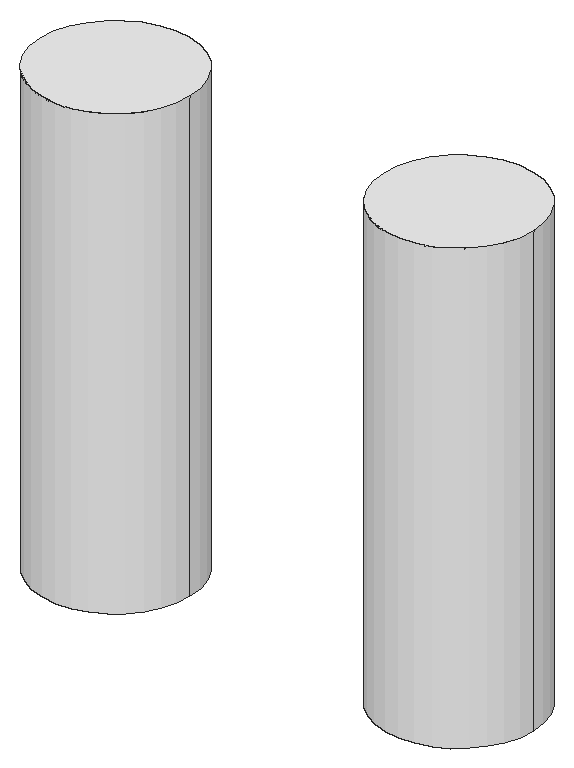
Revit family "56532203(2020)", category Plumbing Fixtures, Revit 2020
Family settings
  Round Connector Dimension = Use Diameter
  Part Type = Normal
  OmniClass Number = 23.45.55.00
  OmniClass Title = Sanitary Faucets, Wastes
  Work Plane-Based = No
  Always vertical = Yes
  Cut with Voids When Loaded = No
  Shared = No
  Room Calculation Point = No
Parameters (values of type "56532203 Kitchen faucet")
  Working Pressure = "50 - 1000 kPa"
  WarrantyStartDate [instance] = "n/a"
  WarrantyGuarantorParts = "n/a"
  WarrantyGuarantorLabor = "n/a"
  WarrantyDurationUnit = "Year"
  WarrantyDurationParts = "n/a"
  WarrantyDurationLabor = "n/a"
  WarrantyDescription = "http://warranty.hansa.com"
  Warranty Information URL = "http://warranty.hansa.com"
  VersionDate = "01/06/2023"
  Version = "1"
  ValvePattern = "n/a"
  ValveOperation = "n/a"
  ValveMechanism = "n/a"
  Uniclass2015Reference = "Pr_40_20_87_96"
  Uniclass2015Description = "Washbasin manual water supply sets"
  Uniclass2 = "Pr_40_30_96_96"
  URL REACH = "http://static.hansa.com/doc/reach"
  URL Materials Declaration = "http://www.hansa.com/fileadmin/resources/181996_56532203_materialsdeclaration.pdf"
  URL Environmental Product Declaration EPD = "http://www.hansa.com/fileadmin/resources/184519_EPD_Kitchen faucet.pdf"
  URL EcoLabel Declaration = "http://static.hansa.com/doc/EcoLabel"
  URL EU Packaging Declaration = "http://static.hansa.com/doc/packaging"
  URL Declaration of SCIP = "http://static.hansa.com/doc/SCIP"
  URL Declaration of Conformity = "http://static.hansa.com/DoC/56532203"
  URL Declaration of Asbestos = "http://static.hansa.com/doc/asbestos"
  URL Declaration Of Performance (DOP) = "http://static.hansa.com/doc/DoP"
  URL DVGW = "http://static.hansa.com/DVGW/56532203"
  URL ABP = "http://static.hansa.com/ABP/56532203"
  URL = ""
  UNSPSC Class Number = "30181700 Faucets or taps"
  TestPressure = "n/a"
  Temperature Adjustments = "Limitation option for maximum temperature and flow-rate ;Adjustable hot water stop (included, retrofittable)"
  Temperature = "Temperature limiter;Temperature limiter (retrofittable)"
  Technical DataSheet URL = "http://www.hansa.com/datasheet/56532203/en"
  TagNumber [instance] = "n/a"
  SustainabilityPerformance = "n/a"
  Surface treatment = "Chrome"
  Spout Type = "Swivel spout;Swivel range limiting option"
  Spout Swivel Range = "120°"
  Spout Projection = "216 mm"
  Spare-Part Information URL = "http://static.hansa.com/sp/56532203"
  Size = "50x255x170 mm"
  Shape = "Sculptured"
  SerialNumber [instance] = "n/a"
  Sales Package dimensions (LxWxH) = "362 x 278 x 63"
  Revision = "n/a"
  ReplacementCost = "n/a"
  ProductInformation = "n/a"
  Product URL = "http://static.hansa.com/56532203"
  Product Image URL = "http://static.hansa.com/image/56532203"
  Product Family = "HANSAPALENO "
  Product Code = "56532203"
  OperatingMechanismMaterial = "n/a"
  NominalWidth = 51 mm
  NominalHeight = 169 mm
  NominalDepth = 255 mm
  Noise Class = "I (ISO 3822)"
  Name_en = "56532203 Kitchen faucet"
  Name = "56532203 Kitchen faucet"
  NBSReference = "45-35-70/371"
  NBSDescription = "Water supply fittings for wash basins and troughs"
  Mounting Holes = "1 hole"
  ModelReference = "56532203"
  ModelNumber = "n/a"
  Model = "56532203 Kitchen faucet"
  Mobile Product Information URL = "http://mpi.hansa.com/56532203"
  Mechanical Parts = "ø 35 mm ceramic cartridge for flow and temperature control"
  Max. Hot Water Supply = 70 °C
  Material = "Brass"
  Market = "International;Germany;Austria;Switzerland;France;Italy;Spain"
  ManufacturerURL = "http://www.hansa.com"
  ManufacturerName = "HANSA"
  Manufacturer = "HANSA"
  Lever Handle = "Hot/Cold symbols;Single operating lever/handle"
  Interactive AR View URL = "https://static.hansa.com/AR/56532203"
  InstallationDate [instance] = "n/a"
  Installation and Maintenance Guide URL = "http://static.hansa.com/manual/56532203"
  Installation Type = "Deck mounted"
  InletConnectionSize = 10 mm
  IfcExportType = "FAUCET"  # constant formula
  IfcExportAs = "IfcValveType"  # constant formula
  Group = "Kitchen faucet"
  Grade = "n/a"
  FlowCoefficient = 0
  Flow Rate At 300kPa = 0.2 L/s
  Flow Drawing URL = "http://static.hansa.com/flowchart/56532203"
  Finish = "Polished"
  Features = "Single-lever"
  FaucetMainMaterial = Brass
  FDV Document URL = "http://www.hansa.com/datasheet/56532203/en/fdv"
  ExpectedLife = "n/a"
  ETIM Class Number = "EC011431 Kitchen mixing tap"
  EN Standard = "EN 817"
  EAN Number = "4057304012297"
  DurationUnit = "Year"
  Dimension Drawing URL = "http://static.hansa.com/dimdrw/56532203"
  Description = ""
  DefaultElevation [instance] = 900 mm
  Default Elevation = 0 mm
  Constituents = "n/a"
  Connection Size = "G3/8"
  Connection = "Flexible inlet pipes"
  Color = "Chrome"
  CodePerformance = "n/a"
  CloseOffRating = 0
  Category = "Kitchen"
  Catalog Drawing URL = "http://static.hansa.com/catdrw/56532203"
  CO2 Emissions (D) = -6.75
  CO2 Emissions (C4) = 0.36
  CO2 Emissions (C3) = 0.02
  CO2 Emissions (C2) = 0.02
  CO2 Emissions (B7) = 4728
  CO2 Emissions (A4) = 0.24
  CO2 Emissions (A1-A3) = 11.94
  Brand = "HANSA"
  BodyMaterial = "Brass"
  Barcode [instance] = "n/a"
  Backflow Prevention EN1717 = "AA"
  BIMObjectName = "56532203(2020)"
  Author = "BIMStone"
  AssetType = "Fixed"
  AssetIdentifier [instance] = "n/a"
  Approval DVGW = "DW-6506CS0548"
  Approval ABP = "P-IX 38252/IA"
  Ambience photo = "http://static.hansa.com/ambience/56532203"
  Aerator = "Standard aerator"
  Advanced Features = "Inner body made of DZR brass;3S-installation system for safe and simple mounting"
  AccessibilityPerformance = "n/a"
  3D View = "https://static.hansa.com/AR/56532203"
  2D/3D/BIM Files URL = "http://static.hansa.com/bim/56532203"
Reference planes
  plane 1 "Center (Front/Back)": y = 0
  plane 2: z = 0
  plane 3 "Center (Left/Right)": x = 0
  plane 4: x = -25.5
  plane 5: z = 1069
  plane 6: z = 900
  plane 7: z = 870
  plane 8: y = -255
  plane 9: x = 25.5
Forms (mm)
  Extrusion 1, solid, material "Brass" <- "FaucetMainMaterial"
    sketch origin (0, -3, 0) x (1, 0, 0) y (0, 1, 0)
      loop
        circle (-11.5, -22.5) r 5
      loop
        circle (11.5, -22.5) r 5
    from 870 to 900
Dimensions and locks
  "NominalHeight": plane 5 to plane 6
  "DefaultElevation": plane 6 to level
  locked: plane 6 to plane 7 at 30
  "NominalDepth": plane 8 to plane 1 "Center (Front/Back)"
  equal spacing: plane 4, plane 3 "Center (Left/Right)", plane 9
  "NominalWidth": plane 4 to plane 9
  "InletConnectionSize": diameter of Extrusion 1 sketch curve  (x2)
  aligned and locked: level to plane 2
  aligned and locked: plane 6 to Extrusion 1
  aligned and locked: Extrusion 1 to plane 7
  aligned and locked: nested 2 to plane 6
  aligned and locked: plane 1 "Center (Front/Back)" to nested 2
  aligned and locked: plane 5 to nested 2
Automatic sketch dimensions
  Extrusion 1 sketch curve to plane 3 "Center (Left/Right)" = 11.5 mm
  plane 3 "Center (Left/Right)" to Extrusion 1 sketch curve = 11.5 mm
  plane 1 "Center (Front/Back)" to Extrusion 1 sketch curve = 25.5 mm  (x2)
Nested families
  nested 1: "Symbol" at (0, 0, 0), type "Symbol", detail levels coarse
  nested 2: "56532203_p" at (0, 0, 900), Material <- "FaucetMainMaterial", type "56532203_p"
    with Material Brass
Connectors
  piping at (-11.5, -25.5, 870), diameter 10, driven by "InletConnectionSize"
    settings: on Extrusion 1, index 1, connector inside diameter 609.6 mm, connector length 0 mm, flow factor 0, pipe flow 0.2 L/s, pressure drop 0.0 Pa, fitting loss kfactor 0, connector angle 0.00°, fixture units 0, engagement length 0 mm, angle of deflection 0.00°, flow configuration 1, flow direction 1, fitting loss method 0, system type 19, joint type 0, gender type 0, connector reference index -1, connector utility 0, adjustable connector no, is connector primary yes, connector description ""
  piping at (11.5, -25.5, 870), diameter 10, driven by "InletConnectionSize"
    settings: on Extrusion 1, index 2, connector inside diameter 609.6 mm, connector length 0 mm, flow factor 0, pipe flow 0.2 L/s, pressure drop 0.0 Pa, fitting loss kfactor 0, connector angle 0.00°, fixture units 0, engagement length 0 mm, angle of deflection 0.00°, flow configuration 1, flow direction 1, fitting loss method 0, system type 20, joint type 0, gender type 0, connector reference index -1, connector utility 0, adjustable connector no, is connector primary no, connector description ""
Definition of nested family "Symbol"
  Reference planes
    plane 1: y = 0
    plane 2: x = 0
  Lines and regions (mm)
    detail lines
      curve 1: line (0, 0, 0) -> (0, -1.8, 0)
      curve 2: line (-0.4, -1.1, 0) -> (0.4, -1.1, 0)
      curve 3: line (-0.4, -1.4, 0) -> (0.4, -1.4, 0)
      curve 4: line (0.863, 0, 0) -> (-0.863, 0, 0)
      curve 5: circle (-1.163, 0, 0) r 0.3 normal (0, 0, -1)
      curve 6: circle (1.163, 0, 0) r 0.3 normal (0, 0, 1)
Definition of nested family "56532203_p"
  Parameters (values of type "56532203_p")
    Material [instance] = none
    Default Elevation = 0 mm
  Reference planes
    plane 1 "Center (Front/Back)": y = 0
    plane 2: z = 0
    plane 3 "Center (Left/Right)": x = 0
  Forms (mm)
    Extrusion 1, solid, material <- "Material", detail levels coarse
      sketch origin (0, 0, -900) x (1, 0, 0) y (0, 1, 0)
        loop
          line (25.5, 0) -> (-25.5, 0) -> (-25.5, -255) -> (25.5, -255) -> (25.5, 0)
      from 900 to 1069
    Revolve 2, solid, material <- "Material", detail levels medium
      sketch origin (0, 0, 0) x (0, 1, 0) y (0, 0, 1)
        loop
          line (-25.5, 0) -> (0, 0) -> (0, 47.5) -> (-0.993, 123.96) -> (-2.721, 123.96)
          arc (-2.721, 123.96) -> (-3.769, 130.056) -> (-6.504, 135.604) r 21.584
          line (-6.504, 135.604) -> (-1.647, 137.869) -> (-4.456, 178.05) -> (-25.5, 178.05) -> (-25.5, 0)
        axis (-25.5, 0) -> (-25.5, 178.05)
      angle from 0 to 360
    Extrusion 3, void
      sketch origin (0, 0, 0) x (0, 1, 0) y (0, 0, 1)
        loop
          line (0, 181.8) -> (-238.453, 181.8) -> (0, 158.561) -> (0, 181.8)
      from 50 to -50
    Extrusion 4, solid, material <- "Material", detail levels medium
      sketch origin (0, 0, 0) x (0, 1, 0) y (0, 0, 1)
        loop
          line (-24.353, 160.934) -> (-66.863, 165.077)
          arc (-66.863, 165.077) -> (-89.016, 167.114) -> (-111.19, 168.909) r 2034.905
          arc (-111.19, 168.909) -> (-112.016, 168.7) -> (-112.549, 168.037) r 1.341
          arc (-112.549, 168.037) -> (-113.714, 162.728) -> (-113.384, 157.304) r 19.706
          arc (-113.384, 157.304) -> (-112.981, 156.601) -> (-112.238, 156.282) r 1.279
          line (-112.238, 156.282) -> (-24.353, 148.893) -> (-24.353, 160.934)
      from -6.884 to 7
    Extrusion 5, solid, material <- "Material", detail levels medium
      sketch origin (0, 0, 0) x (0, 1, 0) y (0, 0, 1)
        loop
          line (-33.571, 84.532) -> (-135.431, 132.03)
          arc (-135.431, 132.03) -> (-162.315, 142.283) -> (-190.393, 148.572) r 200
          line (-190.393, 148.572) -> (-248.818, 157.304)
          arc (-248.818, 157.304) -> (-251.086, 156.882) -> (-252.314, 154.93) r 2.875
          line (-252.314, 154.93) -> (-255, 137.009) -> (-252.234, 136.594) -> (-228.497, 133.037) -> (-225.321, 132.561) -> (-225.171, 133.561) -> (-193.277, 128.781)
          arc (-193.277, 128.781) -> (-168.045, 123.121) -> (-143.883, 113.904) r 180
          line (-143.883, 113.904) -> (-33.929, 62.631) -> (-33.571, 84.532)
      from 15 to -15
    Revolve 6, solid, material <- "Material", detail levels medium
      sketch origin (0, 0, 0) x (0, 1, 0) y (0, 0, 1)
        loop
          line (-241.031, 130.375) -> (-229.163, 128.596) -> (-227.868, 137.236) -> (-239.736, 139.015) -> (-241.031, 130.375)
        axis (-239.736, 139.015) -> (-241.031, 130.375)
      angle from 0 to 360
  Cuts and joins
    Extrusion 3 cuts Revolve 2
    joined: Revolve 2, Extrusion 4, Extrusion 5, Revolve 6
  Lines and regions (mm)
    symbolic lines, detail levels medium+fine
      curve 1: line (0, 0, 0) -> (0, -51, 0)
      curve 2: line (0, -51, 0) -> (0, -51, 47.5)
      curve 3: line (0, -50.702, 70.453) -> (0, -143.883, 113.904)
      curve 4: arc (0, -143.883, 113.904) -> (0, -168.045, 123.121) -> (0, -193.277, 128.781) r 180
      curve 5: line (0, -193.277, 128.781) -> (0, -225.171, 133.561)
      curve 6: line (0, -229.163, 128.596) -> (0, -228.497, 133.037)
      curve 7: line (0, -252.234, 136.594) -> (0, -252.899, 132.154)
      curve 8: line (0, -252.899, 132.154) -> (0, -229.163, 128.596)
      curve 10: line (0, -225.321, 132.561) -> (0, -225.171, 133.561)
      curve 11: line (0, -252.234, 136.594) -> (0, -255, 137.009)
      curve 12: line (0, -255, 137.009) -> (0, -252.314, 154.93)
      curve 13: arc (0, -252.314, 154.93) -> (0, -251.086, 156.882) -> (0, -248.818, 157.304) r 2.875
      curve 14: line (0, -248.818, 157.304) -> (0, -190.393, 148.572)
      curve 15: arc (0, -190.393, 148.572) -> (0, -162.315, 142.283) -> (0, -135.431, 132.03) r 200
      curve 16: line (0, -135.431, 132.03) -> (0, -54.465, 94.275)
      curve 17: arc (0, -54.465, 94.275) -> (0, -52.475, 93.474) -> (0, -50.41, 92.892) r 19.937
      curve 18: line (0, -50.007, 123.96) -> (0, -50.41, 92.892)
      curve 19: line (0, -50.702, 70.453) -> (0, -51, 47.5)
      curve 20: line (0, 0, 0) -> (0, 0, 47.5)
      curve 21: line (0, -0.993, 123.96) -> (0, 0, 47.5)
      curve 23: line (0, -228.497, 133.037) -> (0, -225.321, 132.561)
      curve 24: line (0, -0.993, 123.96) -> (0, -2.721, 123.96)
      curve 25: line (0, -49.846, 126.8) -> (0, -48.006, 126.8)
      curve 27: line (0, -48.304, 123.96) -> (0, -48.006, 126.8)
      curve 28: arc (0, -6.504, 135.604) -> (0, -3.769, 130.056) -> (0, -2.721, 123.96) r 21.584
      curve 29: line (0, -6.504, 135.604) -> (0, -1.968, 137.719)
      curve 31: line (0, -48.304, 123.96) -> (0, -50.007, 123.96)
      curve 33: line (25.5, 0, 0) -> (-25.5, 0, 0)
      curve 34: line (-25.5, 0, 0) -> (-25.5, 0, 47.56)
      curve 35: line (-25.5, 0, 47.56) -> (-24.495, 0, 123.96)
      curve 36: line (-24.362, 0, 126.797) -> (-22.506, 0, 126.797)
      curve 37: line (-24.495, 0, 123.96) -> (-22.754, 0, 123.96)
      curve 38: line (-24.362, 0, 126.797) -> (-24.362, 0, 159.425)
      curve 39: line (-22.506, 0, 126.797) -> (-22.754, 0, 123.96)
      curve 43: line (25.5, 0, 47.56) -> (24.495, 0, 123.96)
      curve 44: line (24.362, 0, 126.797) -> (22.506, 0, 126.797)
      curve 45: line (24.495, 0, 123.96) -> (22.754, 0, 123.96)
      curve 46: line (22.506, 0, 126.797) -> (22.754, 0, 123.96)
      curve 59: line (-15, -239.534, 0) -> (-15, -59.645, 0)
      curve 60: line (15, -239.534, 0) -> (15, -59.645, 0)
      curve 61: spline (-15, -239.534, 0) -> (-14.489, -243.537, 0) -> (-12.99, -247.267, 0) -> (-10.607, -250.47, 0) -> (-7.5, -252.928, 0) -> (-3.882, -254.473, 0) -> (0, -255, 0) -> (3.882, -254.473, 0) -> (7.5, -252.928, 0) -> (10.607, -250.47, 0) -> (12.99, -247.267, 0) -> (14.489, -243.537, 0) -> (15, -239.534, 0)
      curve 63: line (-15, -59.645, 0) -> (-15.824, -46.935, 0)
      curve 64: line (15, -59.645, 0) -> (15.824, -46.935, 0)
      curve 66: arc (20.377, -40.847, 0) -> (-0.397, -0.021, 0) -> (-19.855, -41.49, 0) r 25.494
      curve 72: line (25.5, 0, 0) -> (25.5, 0, 47.56)
      curve 73: arc (0, -1.968, 137.719) -> (0, -2.673, 147.695) -> (0, -3.725, 157.641) r 286.926
      curve 74: arc (0, -3.725, 157.641) -> (0, -4.361, 158.844) -> (0, -5.635, 159.321) r 1.914
      curve 75: arc (0, -5.635, 159.321) -> (0, -7.676, 159.362) -> (0, -9.712, 159.508) r 39.722
      curve 76: line (0, -9.712, 159.508) -> (0, -66.863, 165.077)
      curve 77: arc (0, -66.863, 165.077) -> (0, -89.016, 167.114) -> (0, -111.19, 168.909) r 2034.905
      curve 78: arc (0, -111.19, 168.909) -> (0, -112.016, 168.7) -> (0, -112.549, 168.037) r 1.341
      curve 79: arc (0, -112.549, 168.037) -> (0, -113.714, 162.728) -> (0, -113.384, 157.304) r 19.706
      curve 80: arc (0, -113.384, 157.304) -> (0, -112.981, 156.601) -> (0, -112.238, 156.282) r 1.279
      curve 81: line (0, -58.165, 151.736) -> (0, -112.238, 156.282)
      curve 82: arc (0, -58.165, 151.736) -> (0, -53.266, 149.408) -> (0, -51.115, 144.429) r 7.704
      curve 83: line (0, -51.115, 144.429) -> (0, -49.846, 126.8)
      curve 84: arc (-19.855, -41.49, 0) -> (-17.785, -44.172, 0) -> (-15.824, -46.935, 0) r 84.427
      curve 85: arc (20.377, -40.847, 0) -> (18.032, -43.84, 0) -> (15.824, -46.935, 0) r 84.427
      curve 96: arc (-24.362, 0, 159.425) -> (-23.949, 0, 160.642) -> (-22.882, 0, 161.356) r 1.999
      curve 97: arc (-22.882, 0, 161.356) -> (-15.145, 0, 163.149) -> (-7.302, 0, 164.402) r 114.564
      curve 98: arc (-6.706, 0, 167.144) -> (-7.042, 0, 165.781) -> (-7.302, 0, 164.402) r 25.706
      curve 99: arc (-6.706, 0, 167.144) -> (-6.123, 0, 168.093) -> (-5.123, 0, 168.583) r 2
      curve 104: line (24.362, 0, 126.797) -> (24.362, 0, 159.425)
      curve 105: arc (22.882, 0, 161.356) -> (15.145, 0, 163.149) -> (7.302, 0, 164.402) r 114.564
      curve 106: arc (6.706, 0, 167.144) -> (7.042, 0, 165.781) -> (7.302, 0, 164.402) r 25.706
      curve 107: arc (6.706, 0, 167.144) -> (6.123, 0, 168.093) -> (5.123, 0, 168.583) r 2
      curve 112: arc (-5.123, 0, 168.583) -> (0, 0, 169.029) -> (5.123, 0, 168.583) r 29.678
      curve 115: arc (24.362, 0, 159.425) -> (23.949, 0, 160.642) -> (22.882, 0, 161.356) r 1.999
    symbolic lines, detail levels fine
      curve 9: line (0, -252.234, 136.594) -> (0, -228.497, 133.037)
      curve 22: line (0, 0, 47.5) -> (0, -51, 47.5)
      curve 26: line (0, -25.383, 126.8) -> (0, -6.504, 135.604)
      curve 30: line (0, -48.006, 126.8) -> (0, -25.383, 126.8)
      curve 32: line (0, -2.721, 123.96) -> (0, -48.304, 123.96)
      curve 40: line (-15, 0, 70.474) -> (-15, 0, 154.085)
      curve 41: line (-22.506, 0, 126.797) -> (-15, 0, 126.797)
      curve 42: line (-22.754, 0, 123.96) -> (-15, 0, 123.96)
      curve 47: line (22.506, 0, 126.797) -> (15, 0, 126.797)
      curve 48: line (22.754, 0, 123.96) -> (15, 0, 123.96)
      curve 49: line (-25.5, 0, 47.56) -> (25.5, 0, 47.56)
      curve 50: spline (-15, 0, 154.085) -> (-14.489, 0, 154.949) -> (-12.99, 0, 155.755) -> (-10.607, 0, 156.447) -> (-7.5, 0, 156.978) -> (-3.882, 0, 157.312) -> (0, 0, 157.426) -> (3.882, 0, 157.312) -> (7.5, 0, 156.978) -> (10.607, 0, 156.447) -> (12.99, 0, 155.755) -> (14.489, 0, 154.949) -> (15, 0, 154.085)
      curve 51: arc (-13.012, 0, 68.978) -> (-14.379, 0, 69.231) -> (-15, 0, 70.474) r 1.557
      curve 52: arc (13.012, 0, 68.978) -> (14.379, 0, 69.231) -> (15, 0, 70.474) r 1.557
      curve 53: arc (-13.012, 0, 68.978) -> (0, 0, 70.816) -> (13.012, 0, 68.978) r 47.003
      curve 54: spline (11.961, 0, 130.3) -> (11.554, 0, 129.845) -> (10.359, 0, 129.421) -> (8.458, 0, 129.058) -> (5.981, 0, 128.778) -> (3.096, 0, 128.603) -> (0, 0, 128.543) -> (-3.096, 0, 128.603) -> (-5.981, 0, 128.778) -> (-8.458, 0, 129.058) -> (-10.359, 0, 129.421) -> (-11.554, 0, 129.845) -> (-11.961, 0, 130.3) -> (-11.554, 0, 130.754) -> (-10.359, 0, 131.178) -> (-8.458, 0, 131.542) -> (-5.981, 0, 131.821) -> (-3.096, 0, 131.997) -> (0, 0, 132.056) -> (3.096, 0, 131.997) -> (5.981, 0, 131.821) -> (8.458, 0, 131.542) -> (10.359, 0, 131.178) -> (11.554, 0, 130.754) -> (11.961, 0, 130.3)
      curve 55: spline (-11.961, 0, 134.779) -> (-11.554, 0, 135.234) -> (-10.359, 0, 135.658) -> (-8.458, 0, 136.021) -> (-5.981, 0, 136.301) -> (-3.096, 0, 136.476) -> (0, 0, 136.536) -> (3.096, 0, 136.476) -> (5.981, 0, 136.301) -> (8.458, 0, 136.021) -> (10.359, 0, 135.658) -> (11.554, 0, 135.234) -> (11.961, 0, 134.779)
      curve 56: line (-11.961, 0, 130.3) -> (-11.961, 0, 134.779)
      curve 57: line (11.961, 0, 134.779) -> (11.961, 0, 130.3)
      curve 58: spline (11.961, 0, 133.769) -> (14.424, 0, 134.526) -> (14.937, 0, 135.369) -> (13.431, 0, 136.183) -> (10.109, 0, 136.859) -> (5.421, 0, 137.304) -> (0, 0, 137.46) -> (-5.421, 0, 137.304) -> (-10.109, 0, 136.859) -> (-13.431, 0, 136.183) -> (-14.937, 0, 135.369) -> (-14.424, 0, 134.526) -> (-11.961, 0, 133.769)
      curve 62: spline (-15, -239.534, 0) -> (-14.489, -242.782, 0) -> (-12.99, -245.808, 0) -> (-10.607, -248.407, 0) -> (-7.5, -250.401, 0) -> (-3.882, -251.655, 0) -> (0, -252.082, 0) -> (3.882, -251.655, 0) -> (7.5, -250.401, 0) -> (10.607, -248.407, 0) -> (12.99, -245.808, 0) -> (14.489, -242.782, 0) -> (15, -239.534, 0)
      curve 65: line (15, 0, 70.474) -> (15, 0, 154.085)
      curve 67: line (0, -50.41, 92.892) -> (0, -47.092, 92.003)
      curve 68: line (0, -45.434, 90.064) -> (0, -45.434, 70.064)
      curve 69: line (0, -50.702, 70.453) -> (0, -46.792, 68.63)
      curve 70: arc (0, -45.434, 70.064) -> (0, -45.827, 69.076) -> (0, -46.792, 68.63) r 1.436
      curve 71: arc (0, -47.092, 92.003) -> (0, -45.905, 91.34) -> (0, -45.434, 90.064) r 1.963
      curve 86: arc (-15.824, -46.935, 0) -> (-13.337, -50.642, 0) -> (-10.897, -54.379, 0) r 361.34
      curve 87: line (-6.832, -111.128, 0) -> (-7.6, -67.128, 0)
      curve 88: arc (-7.6, -67.128, 0) -> (-8.494, -60.559, 0) -> (-10.897, -54.379, 0) r 28.215
      curve 89: arc (15.824, -46.935, 0) -> (13.337, -50.642, 0) -> (10.897, -54.379, 0) r 361.34
      curve 90: line (6.834, -111.047, 0) -> (7.6, -67.128, 0)
      curve 91: arc (7.6, -67.128, 0) -> (8.494, -60.559, 0) -> (10.897, -54.379, 0) r 28.215
      curve 92: arc (-5.305, -113.036, 0) -> (0.022, -113.653, 0) -> (5.339, -112.948, 0) r 21.772
      curve 93: arc (-5.305, -113.036, 0) -> (-6.394, -112.343, 0) -> (-6.832, -111.128, 0) r 2
      curve 94: arc (5.339, -112.948, 0) -> (6.406, -112.249, 0) -> (6.834, -111.047, 0) r 2
      curve 95: arc (-19.855, -41.49, 0) -> (-0.358, -2.435, 0) -> (20.377, -40.847, 0) r 24.594
      curve 100: line (-15, 0, 146.797) -> (-17.006, 0, 146.797)
      curve 101: line (-21.056, 0, 160.238) -> (-21.056, 0, 150.847)
      curve 102: arc (-21.056, 0, 150.847) -> (-19.87, 0, 147.983) -> (-17.006, 0, 146.797) r 4.049
      curve 103: arc (-20.406, 0, 161.991) -> (-20.888, 0, 161.173) -> (-21.056, 0, 160.238) r 2.69
      curve 108: line (15, 0, 146.797) -> (17.006, 0, 146.797)
      curve 109: line (21.056, 0, 160.238) -> (21.056, 0, 150.847)
      curve 110: arc (21.056, 0, 150.847) -> (19.87, 0, 147.983) -> (17.006, 0, 146.797) r 4.049
      curve 111: arc (20.406, 0, 161.991) -> (20.888, 0, 161.173) -> (21.056, 0, 160.238) r 2.69
      curve 113: arc (-7.302, 0, 164.402) -> (-7.626, 0, 160.699) -> (-7.412, 0, 156.989) r 25.706
      curve 114: arc (7.302, 0, 164.402) -> (7.626, 0, 160.699) -> (7.412, 0, 156.989) r 25.706
  Dimensions and locks
    aligned and locked: level to plane 2
